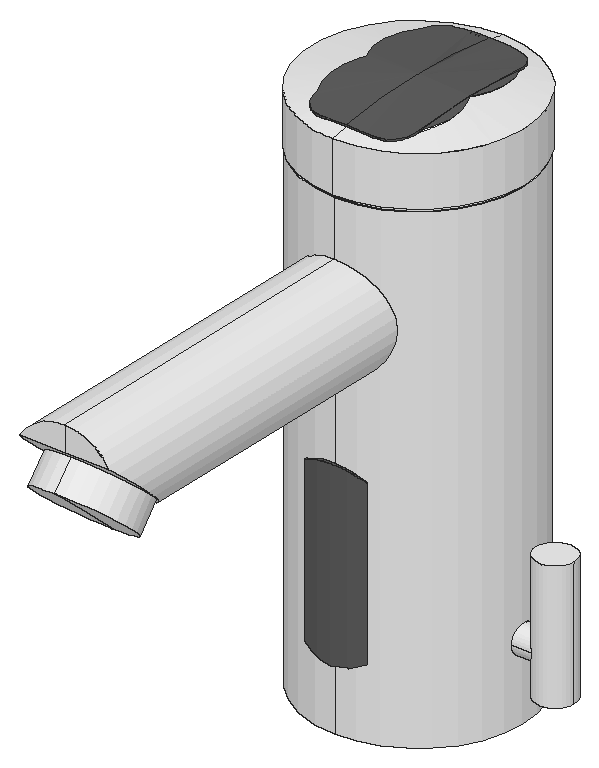
Revit family
Parameters (values of type "EAF-275-ISM")
  Waste Connection = no
  Warranty = "3 Year (Limited)"
  Vent Connection = no
  URL = "http://www.sloanvalve.com/"
  Type Comments = ""
  Revised Date = "17/04/2013"
  Product URL = "http://www.sloanvalve.com/Specifications/Optima_Solis_EAF-275.pdf"
  Price = "Prices may vary. Please consult Sloan Rep for most up-to-date price list."
  Phone # = "416-250-5656"
  Operation = "Sensor-Activated"
  Mounting = "Deck-Mount"
  Model = "EAF-275-ISM"
  Material = Chrome Plated
  Manufacturer = "SLOAN"
  IAPMO Certification = "Low Lead cUPC"
  HW Connection = yes
  Flush Volume(s)/Flow Rate(s) = "0.5 gpm (1.9 Lpm) Multi-Lam; 1.5 gpm (5.6 Lpm) Aerated; 2.2 gpm (8.3 Lpm) Aerated; 2.2 gpm (8.3 Lpm) Laminar"
  Fixture Color = "Not Applicable"
  Finish(es) = "CP, PVDSF, PVDPB, PVDBN"
  Designed By = "ATS BIM Team"
  Description = "Solar-powered, sensor-activated, electronic hand washing faucet for hot and cold water operation with integral side mixer."
  Default Elevation = 0' - 0"
  Cost = 0
  CW Connection = yes
  Assembly Code = "D2010"
  ADA Compliant = yes
Reference planes (in)
  plane 1 "Center (Front/Back)": y = 0
  plane 2: z = 0
  plane 3 "Center (Left/Right)": x = 0
  plane 4: y = -4.34375
  plane 5: y = -1.03125
  plane 6: y = 1.03125
  plane 7: z = 5.34375
  plane 8: y = -4.08785
  plane 9: through (0, -4.08785, 3.34375) normal (0, -0.9135, 0.4067)
  plane 10: x = -1.03125
  plane 11: x = 1.03125
  plane 12: x = 1.53125
  plane 13: z = 3.34375
Forms (in)
  Extrusion 1, solid, material "Chrome Plated" <- "Material"
    sketch origin (0.1795, 0, 0.35122) x (1, 0, 0) y (0, 1, 0)
      loop
        circle (1.16425, 0) r 0.1875
    from 0 to 1.25
  Extrusion 2, solid, material "Chrome Plated" <- "Material"
    sketch origin (0.01519, 0, -0.02768) x (0, 1, 0) y (0, 0, 1)
      loop
        circle (0, 0.77768) r 0.13821
    from 0.87059 to 1.23999
  Revolve 3, solid, material "Chrome Plated" <- "Material"
    sketch origin (0, 0, 0.00012) x (0, 1, 0) y (0, 0, 1)
      loop
        line (0, -0.0007) -> (0, 4.71934) -> (-1.03116, 4.71934) -> (-1.03116, -0.0007) -> (0, -0.0007)
      axis (0, 4.71934) -> (0, -0.0007)
    angle from 0 to 360
  Revolve 4, solid, material "Chrome Plated" <- "Material"
    sketch origin (0, 0, 0.00012) x (0, 1, 0) y (0, 0, 1)
      loop
        line (-0.65518, 4.17923) -> (-4.34366, 4.17923) -> (-4.34366, 3.67064) -> (-0.65518, 3.67064) -> (-0.65518, 4.17923)
      axis (-4.34366, 3.67064) -> (-0.65518, 3.67064)
    angle from 0 to 360
  Extrusion 5, solid, material "Chrome Plated" <- "Material"
    sketch origin (0, 0, 0.00012) x (1, 0, 0) y (0, 1, 0)
      loop
        arc (-0.31001, -1.00101) -> (-0.01001, -1.05792) -> (0.28999, -1.00101) r 0.81916
        line (0.28999, -1.00101) -> (0.28999, -0.89182) -> (-0.31001, -0.89182) -> (-0.31001, -1.00101)
    from 0.61209 to 2.38634
  Revolve 6, solid, material "Chrome Plated" <- "Material"
    sketch origin (0, 0, 0.00012) x (0, 1, 0) y (0, 0, 1)
      loop
        line (1.04498, 4.75197) -> (1.04498, 5.24189)
        arc (1.04498, 5.24189) -> (0.52549, 5.32362) -> (0, 5.34363) r 4.45976
        line (0, 5.34363) -> (0, 4.75197) -> (0, 4.71934) -> (1.01363, 4.71934) -> (1.01363, 4.75197) -> (1.04498, 4.75197)
      axis (0, 5.34363) -> (0, 4.71934)
    angle from 0 to 360
  Extrusion 7, void
    sketch origin (0, 0.17716, 0.37512) x (0, 1, 0) y (0, 0, 1)
      loop
        line (-3.63753, 2.78704) -> (-4.52083, 3.55488) -> (-4.52083, 2.78704) -> (-3.63753, 2.78704)
    from -0.68241 to 0.63548
  Extrusion 8, void
    sketch origin (0, 0.00009, 0) x (-1, 0, 0) y (0, 0, 1)
      loop
        line (0.31001, 2.2978) -> (0.31001, 2.45052) -> (-0.28999, 2.45052) -> (-0.28999, 2.2978)
        arc (-0.28999, 2.2978) -> (0.01001, 2.38647) -> (0.31001, 2.2978) r 0.55184
      loop
        arc (0.31001, 0.70088) -> (0.01001, 0.61221) -> (-0.28999, 0.70088) r 0.55184
        line (-0.28999, 0.70088) -> (-0.28999, 0.54815) -> (0.31001, 0.54815) -> (0.31001, 0.70088)
    from -1.20803 to -0.81269
  Revolve 9, solid, material "Chrome Plated" <- "Material"
    sketch origin (0, -0.0531, 0.0436) x (0, 1, 0) y (0, 0, 1)
      loop
        line (-4.05344, 3.26721) -> (-3.75558, 3.60986) -> (-4.10935, 3.91738) -> (-4.40721, 3.57474) -> (-4.05344, 3.26721)
      axis (-3.75558, 3.60986) -> (-4.05344, 3.26721)
    angle from 0 to 360
  Extrusion 10, solid, material "Chrome Plated" <- "Material"
    sketch origin (0, 0.00009, 0) x (1, 0, 0) y (0, 1, 0)
      loop
        line (0.25, 0.875) -> (-0.25, 0.875)
        arc (-0.25, 0.875) -> (-0.42678, 0.80178) -> (-0.5, 0.625) r 0.25
        line (-0.5, 0.625) -> (-0.5, -0.625)
        arc (-0.5, -0.625) -> (-0.42678, -0.80178) -> (-0.25, -0.875) r 0.25
        line (-0.25, -0.875) -> (0.25, -0.875)
        arc (0.25, -0.875) -> (0.42678, -0.80178) -> (0.5, -0.625) r 0.25
        line (0.5, -0.625) -> (0.5, 0.625)
        arc (0.5, 0.625) -> (0.42678, 0.80178) -> (0.25, 0.875) r 0.25
    from 5.03029 to 5.38831
  Revolve 11, void
    sketch origin (0, 0, 0.00012) x (0, 1, 0) y (0, 0, 1)
      loop
        line (1.04498, 5.47507) -> (0, 5.47507) -> (0, 5.35731)
        arc (0, 5.35731) -> (0.52545, 5.33744) -> (1.04498, 5.25629) r 4.49101
        line (1.04498, 5.25629) -> (1.04498, 5.47507)
      axis (0, 5.47507) -> (0, 5.25629)
    angle from 0 to 360
Cuts and joins
  Extrusion 7 cuts Revolve 4
  Extrusion 8 cuts Extrusion 5
  Revolve 11 cuts Revolve 6
  Revolve 11 cuts Extrusion 10
  joined: Extrusion 1, Extrusion 2, Revolve 3, Revolve 4, Extrusion 5, Revolve 6, Revolve 9, Extrusion 10
Dimensions and locks (in)
  plane 1 "Center (Front/Back)" to plane 4 = 0' - 4 11/32"
  plane 6 to plane 5 = 0' - 2 1/16"
  plane 7 to level = 0' - 5 11/32"
